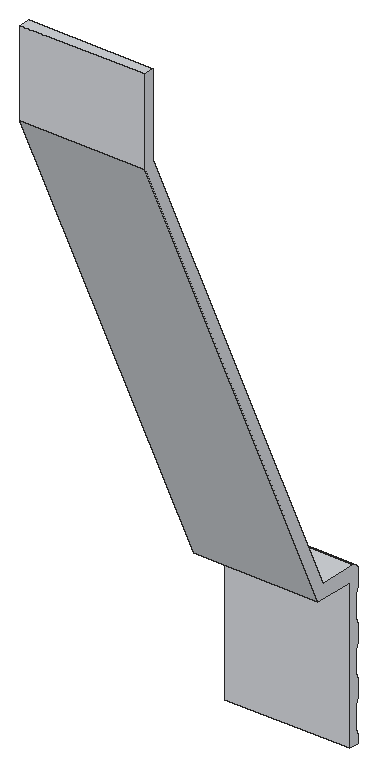
Revit family "Mounting Brackets PNR-05532-B", category Generic Models, Revit 2017
Family settings
  Can host rebar = No
  Round Connector Dimension = Use Diameter
  Part Type = Normal
  Work Plane-Based = Yes
  Always vertical = No
  Cut with Voids When Loaded = No
  Shared = No
  Room Calculation Point = No
Parameters (values of type "B2-SO-R")
  Pendulum start [instance] = 139.031 mm
  Pendulum Visibility = no
  Pendulum Height [instance] = 250 mm
  Default Elevation = 1219.2 mm
  B2-SO-R = yes
  B2-R = no
  Mounting_Material = Aluminum 7175 T73 0 Hot Formed
  Model = "B2-SO-R"
  Manufacturer = "Veko Lightsystems"
  Find - Bracket Article Number = "https://www.veko.com/images/documentation/products/Manual_Veko_linear_system_IP20-65_brackets.pdf"
  Description = "Mounting Brackets"
  Bracket_Width = 15 mm
  Copyright © IVLighting = "www.ivlighting.nl"
  Bracket Article Number = "*User Defined"
  Bolt_Visibility = no
  Bolt_Material = Brass, Soft Yellow, Welded
  Assembly Code = "63.0"
Types (2, lengths in mm): name | Pendulum start | B2-SO-R | B2-R | Model
  B2-R | 119.127 | no | yes | "B2-R"
  B2-SO-R | 139.031 | yes | no | "B2-SO-R"
Reference planes
  plane 1 "Center (Front/Back)": y = 0
  plane 2: z = 0
  plane 3 "Center (Left/Right)": x = 0
Forms (mm)
  Extrusion 1, solid, visible <- "B2-SO-R"
    sketch origin (0, 0, 31.772) x (0, 1, 0) y (0, 0, 1)
      loop
        arc (31.527, 39.693) -> (31.34, 40.143) -> (30.889, 40.33) r 0.637
        line (30.889, 40.33) -> (26.342, 40.33) -> (0.65, 97.402) -> (0.65, 107.259) -> (-0.65, 107.259) -> (-0.65, 96.933) -> (25.582, 38.662) -> (30.312, 38.662) -> (30.313, 20.737) -> (31.527, 20.737) -> (31.527, 21.718) -> (31.25, 22.477) -> (31.25, 24.932) -> (31.527, 25.691) -> (31.527, 27.711) -> (31.25, 28.471) -> (31.25, 30.925) -> (31.527, 31.684) -> (31.527, 33.705) -> (31.25, 34.464) -> (31.25, 36.919) -> (31.527, 37.678) -> (31.527, 39.693)
    from -7.5 to 7.5
  Extrusion 2, solid, material "Aluminum 7175 T73 0 Hot Formed" <- "Mounting_Material", visible <- "B2-R"
    sketch origin (0, -0.233, -19.016) x (0, 1, 0) y (0, 0, 1)
      loop
        line (5.837, 138.361) -> (4.016, 138.361) -> (3.204, 138.144) -> (-1.915, 138.144) -> (-2.681, 138.349)
        arc (-2.681, 138.349) -> (-3.264, 138.02) -> (-3.495, 137.392) r 0.969
        line (-3.495, 137.392) -> (-3.495, 135.9) -> (-2.526, 135.9) -> (-2.526, 137.361) -> (4.784, 137.361) -> (25.815, 89.451) -> (30.545, 89.451) -> (30.545, 71.526) -> (31.759, 71.526) -> (31.759, 72.507) -> (31.483, 73.266) -> (31.483, 75.72) -> (31.759, 76.48) -> (31.759, 78.5) -> (31.483, 79.259) -> (31.483, 81.714) -> (31.759, 82.473) -> (31.759, 84.494) -> (31.483, 85.253) -> (31.483, 87.707) -> (31.759, 88.466) -> (31.759, 90.481)
        arc (31.759, 90.481) -> (31.573, 90.932) -> (31.122, 91.119) r 0.637
        line (31.122, 91.119) -> (26.575, 91.119) -> (5.837, 138.361)
    from -7.5 to 7.5
  Extrusion 3, solid, visible <- "Pendulum Visibility"
    sketch origin (0, 0, 0) x (1, 0, 0) y (0, 1, 0)
      loop
        circle (0, 0) r 1
    from 139.031 to 250
Dimensions and locks
  equal spacing: Extrusion 2, plane 3 "Center (Left/Right)", Extrusion 2
  "Bracket_Width": Extrusion 2 to Extrusion 2
  equal spacing: Extrusion 1, plane 3 "Center (Left/Right)", Extrusion 1
  "Bracket_Width": Extrusion 1 to Extrusion 1
  "Pendulum start": plane 2 to Extrusion 3
  "Pendulum Height": Extrusion 3 to plane 2
  aligned and locked: level to plane 2
Automatic sketch dimensions
  plane 1 "Center (Front/Back)" to Extrusion 2 sketch curve = 3.728 mm
  Extrusion 2 sketch curve to Extrusion 2 sketch curve = 0.814 mm
  Extrusion 2 sketch curve to Extrusion 2 sketch curve = 0.154 mm
  Extrusion 2 sketch curve to Extrusion 2 sketch curve = 0 mm  (x2)
  Extrusion 2 sketch curve to Extrusion 2 sketch curve = 0.766 mm
  Extrusion 2 sketch curve to plane 1 "Center (Front/Back)" = 2.971 mm
  Extrusion 2 sketch curve to Extrusion 2 sketch curve = 0.812 mm
  Extrusion 2 sketch curve to Extrusion 2 sketch curve = 1.821 mm
  Extrusion 2 sketch curve to plane 1 "Center (Front/Back)" = 25.582 mm
  Extrusion 2 sketch curve to Extrusion 2 sketch curve = 0.76 mm
  Extrusion 2 sketch curve to Extrusion 2 sketch curve = 3.97 mm
  Extrusion 2 sketch curve to Extrusion 2 sketch curve = 0.577 mm
  Extrusion 2 sketch curve to Extrusion 2 sketch curve = 0.938 mm  (x2)
  Extrusion 2 sketch curve to Extrusion 2 sketch curve = 0.276 mm  (x4)
  Extrusion 2 sketch curve to Extrusion 2 sketch curve = 0.012 mm
  Extrusion 2 sketch curve to Extrusion 2 sketch curve = 0.217 mm
  Extrusion 2 sketch curve to Extrusion 2 sketch curve = 0.031 mm
  Extrusion 2 sketch curve to Extrusion 2 sketch curve = 1.493 mm
  level to Extrusion 2 sketch curve = 72.102 mm
  Extrusion 2 sketch curve to Extrusion 2 sketch curve = 1.668 mm
  Extrusion 2 sketch curve to Extrusion 2 sketch curve = 0.985 mm
  Extrusion 2 sketch curve to Extrusion 2 sketch curve = 0.759 mm  (x6)
  Extrusion 2 sketch curve to Extrusion 2 sketch curve = 2.455 mm  (x3)
  Extrusion 2 sketch curve to Extrusion 2 sketch curve = 2.021 mm  (x2)
  Extrusion 2 sketch curve to Extrusion 2 sketch curve = 0.981 mm
  Extrusion 2 sketch curve to Extrusion 2 sketch curve = 0.768 mm
  plane 1 "Center (Front/Back)" to Extrusion 1 sketch curve = 0.65 mm
  Extrusion 1 sketch curve to plane 1 "Center (Front/Back)" = 0.65 mm
  Extrusion 1 sketch curve to plane 1 "Center (Front/Back)" = 25.582 mm
  Extrusion 1 sketch curve to Extrusion 1 sketch curve = 0.76 mm
  Extrusion 1 sketch curve to Extrusion 1 sketch curve = 3.97 mm
  Extrusion 1 sketch curve to Extrusion 1 sketch curve = 0.577 mm
  Extrusion 1 sketch curve to Extrusion 1 sketch curve = 0.938 mm  (x2)
  Extrusion 1 sketch curve to Extrusion 1 sketch curve = 0 mm
  Extrusion 1 sketch curve to Extrusion 1 sketch curve = 0.276 mm  (x4)
  Extrusion 1 sketch curve to Extrusion 1 sketch curve = 10.325 mm
  level to Extrusion 1 sketch curve = 72.102 mm
  Extrusion 1 sketch curve to Extrusion 1 sketch curve = 1.668 mm
  Extrusion 1 sketch curve to Extrusion 1 sketch curve = 0.985 mm
  Extrusion 1 sketch curve to Extrusion 1 sketch curve = 0.759 mm  (x6)
  Extrusion 1 sketch curve to Extrusion 1 sketch curve = 2.455 mm  (x3)
  Extrusion 1 sketch curve to Extrusion 1 sketch curve = 2.021 mm  (x2)
  Extrusion 1 sketch curve to Extrusion 1 sketch curve = 0.981 mm
  Extrusion 1 sketch curve to Extrusion 1 sketch curve = 0.469 mm
  Extrusion 1 sketch curve to Extrusion 1 sketch curve = 56.603 mm
  Extrusion 2 sketch curve to Extrusion 2 sketch curve = 44.781 mm
  plane 1 "Center (Front/Back)" to Extrusion 3 sketch curve = 0 mm
  Extrusion 3 sketch curve to plane 3 "Center (Left/Right)" = 0 mm
  radius of Extrusion 3 sketch curve = 1 mm
